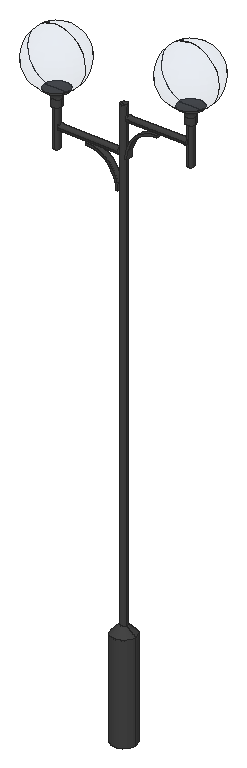
Revit family
Parameters
  Material Post = Metal - Black
  Material Lamp Glazing = Glass - Blue Frosted
  Fixture Height = 3000 mm
  Base Height = 500 mm
Reference planes
  plane 1 "Light Source Axis (F/B)": y = 0
  plane 2: z = 0
  plane 3 "Light Source Axis (L/R)": x = -1
  plane 4 "Light Source Elevation": z = 3000
  plane 5: x = 345
  plane 6: x = -347
  plane 7: z = 3057
  plane 8: z = 3217
Forms (mm)
  Revolve 1, solid, material "Metal - Black" <- "Material Post"
    sketch origin (0, 0, 0) x (1, 0, 0) y (0, 0, 1)
      loop
        line (-1, 0) -> (-1, 2956.111) -> (-18.574, 2956.111) -> (-18.574, 542.426) -> (-61, 500) -> (-61, 0) -> (-1, 0)
      axis (-1, 0) -> (-1, 2956.111)
    angle from 0 to 360
  Revolve 2, solid, material "Metal - Black" <- "Material Post"
    sketch origin (-97.613, 0, 140) x (1, 0, 0) y (0, 0, 1)
      loop
        line (-249.565, 2689.675) -> (-249.565, 2766.508) -> (-309.565, 2766.508)
        arc (-309.565, 2766.508) -> (-283.726, 2752.568) -> (-274.565, 2724.675) r 39.64
        line (-274.565, 2724.675) -> (-274.565, 2689.675) -> (-249.565, 2689.675)
      axis (-249.565, 2689.675) -> (-249.565, 2766.508)
    angle from 0 to 360
  Revolve 3, solid, material "Glass - Blue Frosted" <- "Material Lamp Glazing"
    sketch origin (-97.613, 0, 140) x (1, 0, 0) y (0, 0, 1)
      loop
        line (-249.565, 2761.508) -> (-249.565, 3058.37)
        arc (-249.565, 3058.37) -> (-398.779, 2923.713) -> (-280.09, 2761.508) r 150
        line (-280.09, 2761.508) -> (-249.565, 2761.508)
      axis (-249.565, 2761.508) -> (-249.565, 3058.37)
    angle from 0 to 360
  Revolve 4, solid, material "Metal - Black" <- "Material Post"
    sketch origin (97.869, 0, 300) x (-1, 0, 0) y (0, 0, 1)
      loop
        line (-247.565, 2689.675) -> (-247.565, 2766.508) -> (-307.565, 2766.508)
        arc (-307.565, 2766.508) -> (-281.726, 2752.568) -> (-272.565, 2724.675) r 39.64
        line (-272.565, 2724.675) -> (-272.565, 2689.675) -> (-247.565, 2689.675)
      axis (-247.565, 2689.675) -> (-247.565, 2766.508)
    angle from 0 to 360
  Revolve 5, solid, material "Glass - Blue Frosted" <- "Material Lamp Glazing"
    sketch origin (595, 0, 300) x (1, 0, 0) y (0, 0, 1)
      loop
        line (-249.565, 2761.508) -> (-249.565, 3058.37)
        arc (-249.565, 3058.37) -> (-398.779, 2923.713) -> (-280.09, 2761.508) r 150
        line (-280.09, 2761.508) -> (-249.565, 2761.508)
      axis (-249.565, 2761.508) -> (-249.565, 3058.37)
    angle from 0 to 360
  Sweep 6, solid, material "Metal - Black" <- "Material Post"
    path origin (0, 0, 0) x (1, 0, 0) y (0, 0, 1)
      loop
        line (-347.178, 2829.675) -> (-347.178, 2629.675)
    profile origin (0, 0, 2729.675) x (0, -1, 0) y (1, 0, 0)
      loop
        circle (0, -347.178) r 15
  Sweep 7, solid, material "Metal - Black" <- "Material Post"
    path origin (0, 0, 0) x (1, 0, 0) y (0, 0, 1)
      loop
        line (345.435, 2989.675) -> (345.435, 2789.675)
    profile origin (0, 0, 2889.675) x (0, -1, 0) y (1, 0, 0)
      loop
        circle (0, 345.435) r 15
  Sweep 8, solid, material "Metal - Black" <- "Material Post"
    path origin (0, 0, 0) x (1, 0, 0) y (0, 0, 1)
      loop
        arc (-183.505, 2720.357) -> (-63.505, 2670.651) -> (-13.799, 2550.651) r 169.706
    profile origin (-1367.078, 0, 1367.078) x (0.707107, 0, 0.707107) y (0, -1, 0)
      loop
        line (1828.531, 15) -> (1828.531, -15) -> (1838.531, -15) -> (1838.531, 15) -> (1828.531, 15)
  Sweep 9, solid, material "Metal - Black" <- "Material Post"
    path origin (5, 0, 0) x (1, 0, 0) y (0, 0, 1)
      loop
        arc (177.614, 2878.522) -> (61.088, 2830.256) -> (12.822, 2713.73) r 164.792
    profile origin (1448.172, 0, 1448.172) x (0.707107, 0, -0.707107) y (0, -1, 0)
      loop
        line (-1954.561, -15) -> (-1944.561, -15) -> (-1944.561, 15) -> (-1954.561, 15) -> (-1954.561, -15)
  Extrusion 10, solid, material "Metal - Black" <- "Material Post"
    sketch origin (-1, 0, -23.109) x (0, 1, 0) y (0, 0, 1)
      loop
        circle (0, 2756.168) r 15
    from -17.827 to -331.081
  Extrusion 11, solid, material "Metal - Black" <- "Material Post"
    sketch origin (351.147, 0, 140.056) x (0, 1, 0) y (0, 0, 1)
      loop
        circle (0, 2756.168) r 15
    from -17.827 to -331.081
Dimensions and locks
  "Base Height": Revolve 1 sketch curve to Revolve 1 sketch curve
  "Fixture Height": plane 4 "Light Source Elevation" to plane 2
  equal spacing: plane 5, plane 3 "Light Source Axis (L/R)", plane 6
  locked: plane 7 to plane 4 "Light Source Elevation" at 57
  locked: plane 8 to plane 4 "Light Source Elevation" at 217
  aligned and locked: plane 1 "Light Source Axis (F/B)" to nested 2
  aligned and locked: plane 1 "Light Source Axis (F/B)" to nested 1
  aligned and locked: nested 2 to plane 5
  aligned and locked: nested 1 to plane 6
  aligned and locked: nested 1 to plane 7
  aligned and locked: nested 2 to plane 8
Automatic sketch dimensions
  Revolve 1 sketch curve to level = 0 mm
  Revolve 1 sketch curve to plane 3 "Light Source Axis (L/R)" = 0 mm  (x2)
  Revolve 1 sketch curve to plane 3 "Light Source Axis (L/R)" = 60 mm
  Revolve 1 sketch curve to Revolve 1 sketch curve = 271.696 mm
  Revolve 1 sketch curve to Revolve 1 sketch curve = 42.426 mm
  plane 4 "Light Source Elevation" to Revolve 1 sketch curve = 43.889 mm
  Revolve 1 sketch curve to plane 4 "Light Source Elevation" = 1165.289 mm
  Revolve 2 sketch curve to plane 3 "Light Source Axis (L/R)" = 410.741 mm
  Revolve 2 sketch curve to Revolve 2 sketch curve = 4.563 mm
  Revolve 2 sketch curve to Revolve 2 sketch curve = 39.563 mm
  Revolve 2 sketch curve to Revolve 2 sketch curve = 25 mm
  Revolve 2 sketch curve to Revolve 2 sketch curve = 0 mm  (x2)
  plane 4 "Light Source Elevation" to Revolve 2 sketch curve = 170.325 mm
  Revolve 2 sketch curve to Revolve 2 sketch curve = 35 mm
  Revolve 2 sketch curve to Revolve 2 sketch curve = 2.458 mm
  Revolve 2 sketch curve to plane 4 "Light Source Elevation" = 279.675 mm
  plane 3 "Light Source Axis (L/R)" to Revolve 4 sketch curve = 410.998 mm
  Revolve 4 sketch curve to Revolve 4 sketch curve = 4.563 mm
  Revolve 4 sketch curve to Revolve 4 sketch curve = 39.563 mm
  Revolve 4 sketch curve to Revolve 4 sketch curve = 25 mm
  Revolve 4 sketch curve to Revolve 4 sketch curve = 0 mm  (x2)
  plane 4 "Light Source Elevation" to Revolve 4 sketch curve = 10.325 mm
  Revolve 4 sketch curve to Revolve 4 sketch curve = 35 mm
  Revolve 4 sketch curve to Revolve 4 sketch curve = 2.458 mm
  Revolve 4 sketch curve to plane 4 "Light Source Elevation" = 439.675 mm
  Revolve 3 sketch curve to plane 3 "Light Source Axis (L/R)" = 376.703 mm
  Revolve 3 sketch curve to Revolve 3 sketch curve = 30.525 mm
  Revolve 3 sketch curve to Revolve 3 sketch curve = 0 mm
  plane 4 "Light Source Elevation" to Revolve 3 sketch curve = 170.325 mm
  Revolve 3 sketch curve to Revolve 3 sketch curve = 71.834 mm
  Revolve 3 sketch curve to plane 4 "Light Source Elevation" = 48.37 mm
  Revolve 3 sketch curve to Revolve 3 sketch curve = 5 mm
  plane 3 "Light Source Axis (L/R)" to Revolve 5 sketch curve = 315.91 mm
  Revolve 5 sketch curve to Revolve 5 sketch curve = 30.525 mm
  Revolve 5 sketch curve to Revolve 5 sketch curve = 0 mm
  plane 4 "Light Source Elevation" to Revolve 5 sketch curve = 10.325 mm
  Revolve 5 sketch curve to Revolve 5 sketch curve = 71.834 mm
  Revolve 5 sketch curve to plane 4 "Light Source Elevation" = 208.37 mm
  Revolve 5 sketch curve to Revolve 5 sketch curve = 5 mm
  Revolve 1 sketch curve to Revolve 1 sketch curve = 17.574 mm
  Sweep 6 sketch curve to plane 3 "Light Source Axis (L/R)" = 346.178 mm
  plane 4 "Light Source Elevation" to Sweep 6 sketch curve = 370.325 mm
  plane 4 "Light Source Elevation" to Sweep 6 sketch curve = 170.325 mm
  Sweep 6 sketch curve to plane 1 "Light Source Axis (F/B)" = 0 mm
  Sweep 6 sketch curve to profile plane = 0 mm
  plane 3 "Light Source Axis (L/R)" to Sweep 7 sketch curve = 346.435 mm
  plane 4 "Light Source Elevation" to Sweep 7 sketch curve = 210.325 mm
  plane 4 "Light Source Elevation" to Sweep 7 sketch curve = 10.325 mm
  Sweep 7 sketch curve to plane 1 "Light Source Axis (F/B)" = 0 mm
  Sweep 7 sketch curve to profile plane = 0 mm
  Sweep 8 sketch curve to plane 3 "Light Source Axis (L/R)" = 182.505 mm
  Sweep 8 sketch curve to plane 3 "Light Source Axis (L/R)" = 12.799 mm
  plane 4 "Light Source Elevation" to Sweep 8 sketch curve = 449.349 mm
  profile plane to Sweep 8 sketch curve = 15 mm
  profile plane to Sweep 8 sketch curve = 5 mm
  Sweep 8 sketch curve to plane 1 "Light Source Axis (F/B)" = 15 mm
  plane 1 "Light Source Axis (F/B)" to Sweep 8 sketch curve = 15 mm
  plane 3 "Light Source Axis (L/R)" to Sweep 9 sketch curve = 18.822 mm
  plane 4 "Light Source Elevation" to Sweep 9 sketch curve = 121.478 mm
  plane 3 "Light Source Axis (L/R)" to Sweep 9 sketch curve = 183.614 mm
  Sweep 9 sketch curve to profile plane = 0 mm
  Sweep 9 sketch curve to profile plane = 10 mm
  Sweep 9 sketch curve to plane 1 "Light Source Axis (F/B)" = 15 mm
  plane 1 "Light Source Axis (F/B)" to Sweep 9 sketch curve = 15 mm
  Extrusion 10 sketch curve to plane 1 "Light Source Axis (F/B)" = 0 mm
  Extrusion 11 sketch curve to plane 1 "Light Source Axis (F/B)" = 0 mm
  plane 4 "Light Source Elevation" to Extrusion 11 sketch curve = 103.777 mm
  plane 4 "Light Source Elevation" to Extrusion 10 sketch curve = 266.942 mm
  radius of Sweep 6 sketch curve = 15 mm
  radius of Sweep 7 sketch curve = 15 mm
  radius of Extrusion 10 sketch curve = 15 mm
  radius of Extrusion 11 sketch curve = 15 mm
Nested families
  nested 1: "Light Source" at (-347, 0, 3057), type "100W"
  nested 2: "Light Source" at (345, 0, 3217), type "100W"
Definition of nested family "Light Source"
  Parameters
    Wattage = 100 W
    built-in parameter 1150110 = 1 (stored number, unit not read)
    built-in parameter 1114217 = 1 (stored number, unit not read)
    built-in parameter 1150109 = 1 (stored number, unit not read)
    built-in parameter 1150134 = 4
    built-in parameter 1150113 = 1 (stored number, unit not read)
    Lumens = 1200 lm
    built-in parameter 1150115 = 1 (stored number, unit not read)
    built-in parameter 1150105 = 95.493 (stored number, unit not read)
    Light Source Symbol Size = 609.6 mm
    built-in parameter 1150137 = (empty or 0)
    built-in parameter 1150139 = (empty or 0)
    built-in parameter 1150112 = 1 (stored number, unit not read)
    built-in parameter 1150114 = 1 (stored number, unit not read)
    built-in parameter 1150132 = (empty or 0)
    built-in parameter 1150102 = (empty or 0)
    built-in parameter 1150138 = (empty or 0)
    built-in parameter 1150107 = 2800 (stored number, unit not read)
    built-in parameter 1150106 = 0.95493 (stored number, unit not read)
    built-in parameter 1150104 = 1.1148 (stored number, unit not read)
    Dimming Lamp Color Temperature Shift = (empty or 0)
    Color Filter = 16777215
    built-in parameter 1114218 = 1 (stored number, unit not read)
    built-in parameter 1150133 = 10 (stored number, unit not read)
  Reference planes
    plane 1 "Light Source Axis (F/B)": y = 0
    plane 2: z = 0
    plane 3 "Light Source Axis (L/R)": x = 0
    plane 4 "Light Source Elevation": z = 0
  Lines and regions (mm)
    reference lines
      curve 1: line (0, 1196.616, 0) -> (0, -1403.384, 0)
      curve 2: line (-1183.996, 0, 0) -> (2216.004, 0, 0)
      curve 3: line (0, 0, 1167.649) -> (0, 0, -972.351)
  Dimensions and locks
    aligned and locked: plane 3 "Light Source Axis (L/R)" to imposter light
    aligned and locked: plane 1 "Light Source Axis (F/B)" to imposter light
    aligned and locked: plane 4 "Light Source Elevation" to imposter light
    aligned and locked: plane 4 "Light Source Elevation" to plane 2
    aligned and locked: plane 1 "Light Source Axis (F/B)" to curve 2
    aligned and locked: curve 1 to plane 3 "Light Source Axis (L/R)"
    aligned and locked: curve 3 to plane 3 "Light Source Axis (L/R)"
